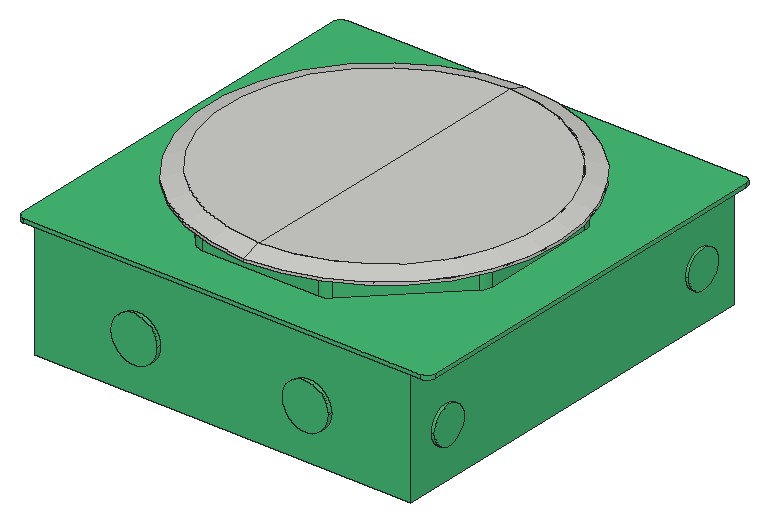
Revit family "Electrical_Equipment-Floor_Box-Hubbell_Wiring-4_Gang-Concrete_Floor_Box-CFB4G30R", category Electrical Fixtures, host Face, Revit 2015
Parameters (values of type "CFB4G30RCR")
  URL = "http://www.hubbell-wiring.com/"
  Product data url = "https://bimobject.com/hubbellwiring/product/hubbell-cfb4g30"
  Product Page URL = "http://ecatalog.hubbell-wiring.com/productinformation/viewcatalog.aspx?Dest=hubbell-wiring.com/press/catalog/O.pdf"
  Product Documentation Link = "http://www.hubbell-wiring.com/DrawingLibrary.aspx/"
  Model = "CFB4G30RCR"
  Manufacturer = "Hubbell-Wiring"  # constant formula
  Keynote = ""
  Device Plate 4 [instance] = Device Plate : FBMP139 - Simplex / 20A - 1.39" circular opening
  Device Plate 3 [instance] = Device Plate : FBMP139 - Simplex / 20A - 1.39" circular opening
  Device Plate 2 [instance] = Device Plate : FBMP139 - Simplex / 20A - 1.39" circular opening
  Device Plate 1 [instance] = Device Plate : FBMP139 - Simplex / 20A - 1.39" circular opening
  Description = "Concrete Floor Box, 4 Gang for 8in Round Cover, Deep With Green Exterior"
  Default Elevation = 0.00"
  Cover Type [instance] = CFBS1R8CVR : CFBS1R8CVRNK - Nickel Cover
  Conduit Connector_9 Description = "Conduit 1in. 0.75in. or 0.5in. Connection"
  Conduit Connector_8 Description = "Conduit 1in. 0.75in. or 0.5in. Connection"
  Conduit Connector_7 Description = "Conduit 1in. 0.75in. or 0.5in. Connection"
  Conduit Connector_6 Description = "Conduit 1.25in. 1in. or  0.75in. Connection"
  Conduit Connector_5 Description = "Conduit 1.25in. 1in. or  0.75in. Connection"
  Conduit Connector_4 Description = "Conduit 1in. 0.75in. or 0.5in. Connection"
  Conduit Connector_3 Description = "Conduit 1in. 0.75in. or 0.5in. Connection"
  Conduit Connector_2 Description = "Conduit 1.25in. 1in. or  0.75in. Connection"
  Conduit Connector_12 Description = "Conduit 1in. 0.75in. or 0.5in. Connection"
  Conduit Connector_11 Description = "Conduit 1in. 0.75in. or 0.5in. Connection"
  Conduit Connector_10 Description = "Conduit 1in. 0.75in. or 0.5in. Connection"
  Conduit Connector_1 Description = "Conduit 1.25in. 1in. or  0.75in. Connection"
  Conduit Connector 3 Radius = 0.50"
  Conduit Connector 2 Radius = 0.50"
  Conduit Connector 1 Radius = 0.625"
  Box Material = Metal - Hubbell - Green Finish
  Assembly Code = "D5020115"
Types (2): name | Model | Description | Box Material
  CFB4G30R | "CFB4G30R" | "Concrete Floor Box, 4 Gang for 8in Round Cover, Deep" | Metal - Hubbell - Steel
  CFB4G30RCR | "CFB4G30RCR" | "Concrete Floor Box, 4 Gang for 8in Round Cover, Deep With Green Exterior" | Metal - Hubbell - Green Finish
Reference planes (in)
  plane 1 "Center (Front/Back)": y = 0
  plane 2 "Reference level": z = 0
  plane 3 "Center (Left/Right)": x = 0
  plane 4: z = -3.75
  plane 5: x = -5.1
  plane 6: x = 5.1
  plane 7: y = 5.4735
  plane 8: y = -5.4735
  plane 9: z = -0.64
  plane 10: z = -3.69
  plane 11: y = -5.5735
  plane 12: x = -5.2
  plane 13: y = 5.5735
  plane 14: x = 5.2
  plane 15: z = -2.335
  plane 16: z = -3.85
  plane 17: x = -5
  plane 18: x = 5
  plane 19: y = 5.3735
  plane 20: y = -5.3735
  plane 21: z = -0.54
Forms (in)
  Extrusion 1, solid, material "Metal - Hubbell - Green Finish" <- "Box Material"
    sketch origin (0, 0, 0) x (1, 0, 0) y (0, 1, 0)
      loop
        line (-5.1, 5.4735) -> (-5.1, -5.4735) -> (5.1, -5.4735) -> (5.1, 5.4735) -> (-5.1, 5.4735)
    from -3.75 to -0.64
  Extrusion 2, solid, material "Metal - Hubbell - Green Finish" <- "Box Material", detail levels medium+fine
    sketch origin (0, 0, 0) x (0, 1, 0) y (0, 0, 1)
      loop
        circle (4.31, -2.335) r 0.5
      loop
        circle (-4.31, -2.335) r 0.5
    from -5.2 to -5.1
  Extrusion 3, solid, material "Metal - Hubbell - Green Finish" <- "Box Material", detail levels medium+fine
    sketch origin (0, 0, 0) x (0, 1, 0) y (0, 0, -1)
      loop
        circle (4.31, 2.335) r 0.5
      loop
        circle (-4.31, 2.335) r 0.5
    from -5.2 to -5.1
  Extrusion 4, solid, material "Metal - Hubbell - Green Finish" <- "Box Material", detail levels medium+fine
    sketch origin (0, 0, 0) x (1, 0, 0) y (0, 0, 1)
      loop
        circle (2.32, -2.335) r 0.625
      loop
        circle (-2.32, -2.335) r 0.625
    from 5.4735 to 5.5735
  Extrusion 5, solid, material "Metal - Hubbell - Green Finish" <- "Box Material", detail levels medium+fine
    sketch origin (0, 0, 0) x (1, 0, 0) y (0, 0, -1)
      loop
        circle (2.32, 2.335) r 0.625
      loop
        circle (-2.32, 2.335) r 0.625
    from 5.4735 to 5.5735
  Extrusion 6, solid, material "Metal - Hubbell - Green Finish" <- "Box Material", detail levels medium+fine
    sketch origin (0, 0, 0) x (1, 0, 0) y (0, 1, 0)
      loop
        circle (-4.385, 4.35) r 0.5
      loop
        circle (4.385, 4.35) r 0.5
      loop
        circle (-4.385, -4.35) r 0.5
      loop
        circle (4.385, -4.35) r 0.5
    from -3.85 to -3.75
  Extrusion 7, void
    sketch origin (0, 0, 0) x (1, 0, 0) y (0, 1, 0)
      loop
        line (-5, -5.3735) -> (5, -5.3735) -> (5, 5.3735) -> (-5, 5.3735) -> (-5, -5.3735)
    from -3.69 to -0.64
  Sweep 8, solid, material "Metal - Hubbell - Green Finish" <- "Box Material"
    path origin (0, 0, 0) x (0, 1, 0) y (0, 0, 1)
      loop
        line (0, -0.64) -> (0, -0.54)
    profile origin (0, 0, -0.59) x (0, -1, 0) y (1, 0, 0)
      loop
        line (5.2555, 5.6) -> (-5.2545, 5.6)
        arc (-5.2545, 5.6) -> (-5.4136, 5.5341) -> (-5.4795, 5.375) r 0.225
        line (-5.4795, 5.375) -> (-5.4795, -5.375)
        arc (-5.4795, -5.375) -> (-5.4136, -5.5341) -> (-5.2545, -5.6) r 0.225
        line (-5.2545, -5.6) -> (5.2555, -5.6)
        arc (5.2555, -5.6) -> (5.4146, -5.5341) -> (5.4805, -5.375) r 0.225
        line (5.4805, -5.375) -> (5.4805, 5.375)
        arc (5.4805, 5.375) -> (5.4146, 5.5341) -> (5.2555, 5.6) r 0.225
  Sweep 9, solid, material "Metal - Hubbell - Green Finish" <- "Box Material"
    path origin (0, 0, 0) x (0, 1, 0) y (0, 0, 1)
      loop
        line (0, -0.54) -> (0, 0)
    profile origin (0, 0, -0.27) x (0, -1, 0) y (1, 0, 0)
      loop
        arc (-1.84797, -4.0661) -> (-1.72015, -4.15151) -> (-1.56937, -4.1815) r 0.394
        line (-1.56937, -4.1815) -> (1.57037, -4.1815)
        arc (1.57037, -4.1815) -> (1.72115, -4.15151) -> (1.84897, -4.0661) r 0.394
        line (1.84897, -4.0661) -> (4.0691, -1.84597)
        arc (4.0691, -1.84597) -> (4.15451, -1.71815) -> (4.1845, -1.56737) r 0.394
        line (4.1845, -1.56737) -> (4.1845, 1.57237)
        arc (4.1845, 1.57237) -> (4.15451, 1.72315) -> (4.0691, 1.85097) r 0.394
        line (4.0691, 1.85097) -> (1.84897, 4.0711)
        arc (1.84897, 4.0711) -> (1.72115, 4.15651) -> (1.57037, 4.1865) r 0.394
        line (1.57037, 4.1865) -> (-1.56937, 4.1865)
        arc (-1.56937, 4.1865) -> (-1.72015, 4.15651) -> (-1.84797, 4.0711) r 0.394
        line (-1.84797, 4.0711) -> (-4.0681, 1.85097)
        arc (-4.0681, 1.85097) -> (-4.15351, 1.72315) -> (-4.1835, 1.57237) r 0.394
        line (-4.1835, 1.57237) -> (-4.1835, -1.56737)
        arc (-4.1835, -1.56737) -> (-4.15351, -1.71815) -> (-4.0681, -1.84597) r 0.394
        line (-4.0681, -1.84597) -> (-1.84797, -4.0661)
Cuts and joins
  Extrusion 7 cuts Extrusion 1
Lines and regions (in)
  symbolic lines
    curve 1: line (-5.1, 0, -0.54) -> (-5.1, 0, -3.75)
    curve 2: line (-5.1, 0, -3.75) -> (5.1, 0, -3.75)
    curve 3: line (5.1, 0, -3.75) -> (5.1, 0, -0.54)
    curve 4: line (-5.1, 0, -0.54) -> (5.1, 0, -0.54)
    curve 5: line (0, 5.4735, -3.75) -> (0, 5.4735, -0.54)
    curve 6: line (0, 5.4735, -0.54) -> (0, -5.4735, -0.54)
    curve 7: line (0, -5.4735, -0.54) -> (0, -5.4735, -3.75)
    curve 8: line (0, 5.4735, -3.75) -> (0, -5.4735, -3.75)
Dimensions and locks (in)
  level to plane 4 = 3.75"
  equal spacing: Extrusion 2 sketch curve, plane 1 "Center (Front/Back)", Extrusion 2 sketch curve
  locked: Extrusion 2 sketch curve to plane 1 "Center (Front/Back)" at 4.31
  locked: Extrusion 4 sketch curve to plane 3 "Center (Left/Right)" at 2.32
  equal spacing: Extrusion 3 sketch curve, plane 1 "Center (Front/Back)", Extrusion 3 sketch curve
  locked: Extrusion 3 sketch curve to plane 1 "Center (Front/Back)" at 4.31
  locked: Extrusion 5 sketch curve to plane 3 "Center (Left/Right)" at 2.32
  equal spacing: Extrusion 6 sketch curve, plane 1 "Center (Front/Back)", Extrusion 6 sketch curve  (x2)
  locked: plane 1 "Center (Front/Back)" to Extrusion 6 sketch curve at 4.35  (x2)
  equal spacing: Extrusion 6 sketch curve, plane 3 "Center (Left/Right)", Extrusion 6 sketch curve  (x2)
  locked: Extrusion 6 sketch curve to plane 3 "Center (Left/Right)" at 4.385  (x2)
  equal spacing: Extrusion 4 sketch curve, plane 3 "Center (Left/Right)", Extrusion 4 sketch curve
  equal spacing: Extrusion 5 sketch curve, plane 3 "Center (Left/Right)", Extrusion 5 sketch curve
  locked: plane 15 to plane 4 at 1.415
  locked: plane 11 to plane 13 at 11.147
  equal spacing: plane 11, plane 1 "Center (Front/Back)", plane 13
  equal spacing: plane 8, plane 1 "Center (Front/Back)", plane 7, locked at 5.4735 each
  equal spacing: plane 19, plane 1 "Center (Front/Back)", plane 20, locked at 5.3735 each
  locked: plane 12 to plane 14 at 10.4
  equal spacing: plane 12, plane 3 "Center (Left/Right)", plane 14
  equal spacing: plane 5, plane 3 "Center (Left/Right)", plane 6, locked at 5.1 each
  equal spacing: plane 17, plane 3 "Center (Left/Right)", plane 18, locked at 5 each
  locked: plane 2 "Reference level" to plane 4 at 3.75
  locked: plane 3 "Center (Left/Right)" to Sweep 9 at 4.1865
  locked: plane 3 "Center (Left/Right)" to Sweep 8 at 5.6
  "Conduit Connector 2 Radius": radius of Extrusion 3 sketch curve  (x2)
  "Conduit Connector 1 Radius": radius of Extrusion 4 sketch curve  (x2)
  "Conduit Connector 1 Radius": radius of Extrusion 5 sketch curve  (x2)
  "Conduit Connector 2 Radius": radius of Extrusion 2 sketch curve  (x2)
  "Conduit Connector 3 Radius": radius of Extrusion 6 sketch curve  (x4)
  aligned and locked: host face to plane 2 "Reference level"
  aligned and locked: level to host face
  aligned and locked: Extrusion 1 to plane 4
  aligned and locked: plane 5 to Extrusion 2
  aligned and locked: Extrusion 2 to plane 12
  aligned and locked: Extrusion 3 to plane 14
  aligned and locked: plane 11 to Extrusion 4
  aligned and locked: Extrusion 4 to plane 8
  aligned and locked: plane 13 to Extrusion 5
  aligned and locked: Extrusion 5 to plane 7
  aligned and locked: Extrusion 6 to plane 16
  aligned and locked: plane 4 to Extrusion 6
  aligned and locked: cut or joined group of Extrusion 1, Extrusion 7 to plane 10
  aligned and locked: plane 7 to cut or joined group of Extrusion 1, Extrusion 7
  aligned and locked: plane 6 to Extrusion 3
  aligned and locked: plane 15 to Extrusion 2 sketch curve  (x2)
  aligned and locked: plane 15 to Extrusion 4 sketch curve  (x2)
  aligned and locked: plane 1 "Center (Front/Back)" to Sweep 8 sketch curve
  aligned and locked: plane 21 to Sweep 8 sketch curve
  aligned and locked: plane 9 to Sweep 8 sketch curve
  aligned and locked: plane 9 to Extrusion 1
  aligned and locked: plane 1 "Center (Front/Back)" to Sweep 9 sketch curve
  aligned and locked: plane 2 "Reference level" to Sweep 9 sketch curve
  aligned and locked: plane 21 to Sweep 9 sketch curve
  aligned and locked: plane 3 "Center (Left/Right)" to nested 1
  aligned and locked: plane 1 "Center (Front/Back)" to nested 1
  aligned and locked: cut or joined group of Extrusion 1, Extrusion 7 to plane 6
  aligned and locked: plane 8 to cut or joined group of Extrusion 1, Extrusion 7
  aligned and locked: cut or joined group of Extrusion 1, Extrusion 7 to plane 5
  aligned and locked: Extrusion 1 to Extrusion 7
  aligned and locked: plane 19 to Extrusion 7
  aligned and locked: Extrusion 7 to plane 20
  aligned and locked: Extrusion 7 to plane 17
  aligned and locked: Extrusion 7 to plane 18
  aligned and locked: curve 4 to plane 21
  aligned and locked: curve 1 to plane 5
  aligned and locked: curve 2 to plane 4
  aligned and locked: curve 3 to plane 6
  aligned and locked: plane 8 to curve 7
  aligned and locked: plane 4 to curve 8
  aligned and locked: plane 7 to curve 5
  aligned and locked: plane 21 to curve 6
Automatic sketch dimensions
  host sketch curve to host sketch curve = 96.00"  (x2)
  Extrusion 1 sketch curve to plane 5 = 0.00"
  Extrusion 1 sketch curve to plane 6 = 0.00"
  plane 8 to Extrusion 1 sketch curve = 0.00"
  plane 7 to Extrusion 1 sketch curve = 0.00"
  Extrusion 7 sketch curve to plane 17 = 0.00"
  Extrusion 7 sketch curve to plane 18 = 0.00"
  Extrusion 7 sketch curve to plane 20 = 0.00"
  plane 19 to Extrusion 7 sketch curve = 0.00"
  profile plane to Sweep 8 sketch curve = 5.4795"
  Sweep 8 sketch curve to Sweep 8 sketch curve = 0.225"  (x3)
  Sweep 8 sketch curve to profile plane = 5.2555"  (x2)
  Sweep 8 sketch curve to plane 3 "Center (Left/Right)" = 5.375"
  plane 3 "Center (Left/Right)" to Sweep 8 sketch curve = 5.375"
  profile plane to Sweep 9 sketch curve = 4.1835"
  Sweep 9 sketch curve to plane 3 "Center (Left/Right)" = 1.84597"
  Sweep 9 sketch curve to Sweep 9 sketch curve = 0.1154"  (x5)
  Sweep 9 sketch curve to Sweep 9 sketch curve = 0.394"  (x3)
  profile plane to Sweep 9 sketch curve = 1.84797"  (x2)
  Sweep 9 sketch curve to Sweep 9 sketch curve = 2.22013"  (x4)
  plane 3 "Center (Left/Right)" to Sweep 9 sketch curve = 1.57237"
  Sweep 9 sketch curve to Sweep 9 sketch curve = 0.2786"  (x7)
  Sweep 9 sketch curve to profile plane = 1.57037"
  plane 3 "Center (Left/Right)" to Sweep 9 sketch curve = 1.85097"
  Sweep 9 sketch curve to plane 3 "Center (Left/Right)" = 1.56737"
  Sweep 9 sketch curve to profile plane = 1.84897"
  Extrusion 3 sketch curve to plane 15 = 0.00"  (x2)
  Extrusion 5 sketch curve to plane 15 = 0.00"  (x2)
Nested families (in)
  nested 1: "CFBS1R8CVR" at (0, 0, 0), type <- "Cover Type", type "CFBS1R8CVRNK - Nickel Cover"
Connectors (in)
  cabletrayconduit at (-2.32, -5.5735, -2.335), diameter 1.25, driven by "Conduit Connector 1 Radius", driven by "Conduit Connector_1 Description"
    settings: on Extrusion 4, index 1, connector width 12.00", connector height 12.00", connector angle 0.00°, system type 32, placement type 0, profile type 0, connector reference index -1, is primary connector yes, connector utility param no, connector description "Conduit 1.25in. 1in. or  0.75in. Connection"
  cabletrayconduit at (2.32, -5.5735, -2.335), diameter 1.25, driven by "Conduit Connector 1 Radius", driven by "Conduit Connector_2 Description"
    settings: on Extrusion 4, index 2, connector width 12.00", connector height 12.00", connector angle 0.00°, system type 32, placement type 0, profile type 0, connector reference index -1, is primary connector no, connector utility param no, connector description "Conduit 1.25in. 1in. or  0.75in. Connection"
  cabletrayconduit at (5.2, -4.31, -2.335), diameter 1, driven by "Conduit Connector 2 Radius", driven by "Conduit Connector_3 Description"
    settings: on Extrusion 3, index 3, connector width 12.00", connector height 12.00", connector angle 0.00°, system type 32, placement type 0, profile type 0, connector reference index -1, is primary connector no, connector utility param no, connector description "Conduit 1in. 0.75in. or 0.5in. Connection"
  cabletrayconduit at (5.2, 4.31, -2.335), diameter 1, driven by "Conduit Connector 2 Radius", driven by "Conduit Connector_4 Description"
    settings: on Extrusion 3, index 4, connector width 12.00", connector height 12.00", connector angle 0.00°, system type 32, placement type 0, profile type 0, connector reference index -1, is primary connector no, connector utility param no, connector description "Conduit 1in. 0.75in. or 0.5in. Connection"
  cabletrayconduit at (2.32, 5.5735, -2.335), diameter 1.25, driven by "Conduit Connector 1 Radius", driven by "Conduit Connector_5 Description"
    settings: on Extrusion 5, index 5, connector width 12.00", connector height 12.00", connector angle 0.00°, system type 32, placement type 0, profile type 0, connector reference index -1, is primary connector no, connector utility param no, connector description "Conduit 1.25in. 1in. or  0.75in. Connection"
  cabletrayconduit at (-2.32, 5.5735, -2.335), diameter 1.25, driven by "Conduit Connector 1 Radius", driven by "Conduit Connector_6 Description"
    settings: on Extrusion 5, index 6, connector width 12.00", connector height 12.00", connector angle 0.00°, system type 32, placement type 0, profile type 0, connector reference index -1, is primary connector no, connector utility param no, connector description "Conduit 1.25in. 1in. or  0.75in. Connection"
  cabletrayconduit at (-5.2, 4.31, -2.335), diameter 1, driven by "Conduit Connector 2 Radius", driven by "Conduit Connector_7 Description"
    settings: on Extrusion 2, index 7, connector width 12.00", connector height 12.00", connector angle 0.00°, system type 32, placement type 0, profile type 0, connector reference index -1, is primary connector no, connector utility param no, connector description "Conduit 1in. 0.75in. or 0.5in. Connection"
  cabletrayconduit at (-5.2, -4.31, -2.335), diameter 1, driven by "Conduit Connector 2 Radius", driven by "Conduit Connector_8 Description"
    settings: on Extrusion 2, index 8, connector width 12.00", connector height 12.00", connector angle 0.00°, system type 32, placement type 0, profile type 0, connector reference index -1, is primary connector no, connector utility param no, connector description "Conduit 1in. 0.75in. or 0.5in. Connection"
  cabletrayconduit at (-4.385, -4.35, -3.85), diameter 1, driven by "Conduit Connector 3 Radius", driven by "Conduit Connector_9 Description"
    settings: on Extrusion 6, index 9, connector width 12.00", connector height 12.00", connector angle 0.00°, system type 32, placement type 0, profile type 0, connector reference index -1, is primary connector no, connector utility param no, connector description "Conduit 1in. 0.75in. or 0.5in. Connection"
  cabletrayconduit at (4.385, -4.35, -3.85), diameter 1, driven by "Conduit Connector 3 Radius", driven by "Conduit Connector_10 Description"
    settings: on Extrusion 6, index 10, connector width 12.00", connector height 12.00", connector angle 0.00°, system type 32, placement type 0, profile type 0, connector reference index -1, is primary connector no, connector utility param no, connector description "Conduit 1in. 0.75in. or 0.5in. Connection"
  cabletrayconduit at (4.385, 4.35, -3.85), diameter 1, driven by "Conduit Connector 3 Radius", driven by "Conduit Connector_11 Description"
    settings: on Extrusion 6, index 11, connector width 12.00", connector height 12.00", connector angle 0.00°, system type 32, placement type 0, profile type 0, connector reference index -1, is primary connector no, connector utility param no, connector description "Conduit 1in. 0.75in. or 0.5in. Connection"
  cabletrayconduit at (-4.385, 4.35, -3.85), diameter 1, driven by "Conduit Connector 3 Radius", driven by "Conduit Connector_12 Description"
    settings: on Extrusion 6, index 12, connector width 12.00", connector height 12.00", connector angle 0.00°, system type 32, placement type 0, profile type 0, connector reference index -1, is primary connector no, connector utility param no, connector description "Conduit 1in. 0.75in. or 0.5in. Connection"
Definition of nested family "CFBS1R8CVR"
  Parameters
    URL = "http://www.hubbell-wiring.com/"
    Product Page URL = ""
    Product Documentation Link = ""
    Model = "CFBS1R8CVRNK"
    Manufacturer = "Hubbell-Wiring"  # constant formula
    Description = "System one 8 inch round cover for recessed floor boxes"  # constant formula
    Default Elevation = 0.00"
    Cover Material = none
    Assembly Code = "D5020115"
  Reference planes (in)
    plane 1 "Center (Front/Back)": y = 0
    plane 2: z = 0
    plane 3 "Center (Left/Right)": x = 0
  Forms (in)
    Extrusion 1, solid
      sketch origin (0, 0, 0) x (1, 0, 0) y (0, 1, 0)
        loop
          line (-48, 48) -> (-48, -48) -> (48, -48) -> (48, 48) -> (-48, 48)
      from 0 to -12
    Revolve 2, solid, material <- "Cover Material"
      sketch origin (0, 0, 0) x (0, 1, 0) y (0, 0, 1)
        loop
          line (0, 0.24) -> (-4.25, 0.24) -> (-4.75, 0.07409) -> (-4.75, 0) -> (-4, 0) -> (-4, -0.76) -> (0, -0.76) -> (0, 0.24)
        axis (0, 0.24) -> (0, -0.76)
      angle from 0 to 360
  Lines and regions (in)
    symbolic lines
      curve 1: line (-4.25036, 0, 0.24) -> (4.24848, 0, 0.24)
      curve 2: line (4.74848, 0, 0) -> (-4.75036, 0, 0)
      curve 3: line (3.99848, 0, -0.76) -> (-4.00036, 0, -0.76)
      curve 4: line (3.99848, 0, 0) -> (3.99848, 0, -0.76)
      curve 5: line (-4.00036, 0, -0.76) -> (-4.00036, 0, 0)
      curve 6: line (0, 4.25, 0.24) -> (0, -4.25, 0.24)
      curve 7: line (0, -4.75, 0) -> (0, 4.75, 0)
      curve 8: line (0, 4, -0.76) -> (0, 4, 0)
      curve 9: line (0, -4, -0.76) -> (0, 4, -0.76)
      curve 10: line (0, -4, 0) -> (0, -4, -0.76)
      curve 16: line (-4.75036, 0, 0) -> (-4.75036, 0, 0.07409)
      curve 17: line (4.74848, 0, 0) -> (4.74848, 0, 0.07409)
      curve 19: line (-4.75036, 0, 0.07409) -> (-4.25036, 0, 0.24)
      curve 21: line (4.24848, 0, 0.24) -> (4.74848, 0, 0.07409)
      curve 24: line (0, 4.25, 0.24) -> (0, 4.75, 0.07409)
      curve 25: line (0, -4.25, 0.24) -> (0, -4.75, 0.07409)
      curve 26: line (0, -4.75, 0.07409) -> (0, -4.75, 0)
      curve 27: line (0, 4.75, 0) -> (0, 4.75, 0.07409)
      curve 46: circle (0, 0, 0) r 4.75 normal (0, 0, 1)
      curve 47: circle (0, 0, 0) r 4.25 normal (0, 0, 1)
    reference lines
      curve 11: line (-2.98985, 0, 0.53206) -> (-4.78257, 0, -0.06281)
      curve 12: arc (-1.875, 2.145, 0) -> (-1.69822, 2.07178, 0) -> (-1.625, 1.895, 0) r 0.25
      curve 13: arc (-1.875, -2.145, 0) -> (-1.69822, -2.07178, 0) -> (-1.625, -1.895, 0) r 0.25
      curve 14: arc (1.875, 2.145, 0) -> (1.69822, 2.07178, 0) -> (1.625, 1.895, 0) r 0.25
      curve 15: arc (1.875, -2.145, 0) -> (1.69822, -2.07178, 0) -> (1.625, -1.895, 0) r 0.25
      curve 18: line (-3.87, 0, 0.24) -> (-4.37, 0, 0.07409)
      curve 20: line (3.51326, 0, 0.35838) -> (4.59327, 0, 0)
      curve 22: line (0, 6.70455, 0.32476) -> (0, 7.57568, 0.0357)
      curve 23: line (0, -6.61229, 0.35538) -> (0, -7.58929, 0.03119)
    model lines, detail levels medium+fine
      curve 28: line (-3.84148, 1.81811, 0.24) -> (-2.94463, 1.81811, 0.24)
      curve 29: arc (-2.44463, 1.31811, 0.24) -> (-2.59107, 1.67166, 0.24) -> (-2.94463, 1.81811, 0.24) r 0.5
      curve 30: line (-3.84148, -1.81811, 0.24) -> (-2.94463, -1.81811, 0.24)
      curve 31: line (-2.44463, -1.31811, 0.24) -> (-2.44463, 1.31811, 0.24)
      curve 32: arc (-2.44463, -1.31811, 0.24) -> (-2.59107, -1.67166, 0.24) -> (-2.94463, -1.81811, 0.24) r 0.5
      curve 33: line (-0.64368, -2.06811, 0.24) -> (-0.64368, -1.5462, 0.24)
      curve 34: line (0.64368, -2.06811, 0.24) -> (-0.64368, -2.06811, 0.24)
      curve 35: line (0.64368, -1.5462, 0.24) -> (0.64368, -2.06811, 0.24)
      curve 36: arc (-0.64368, -1.5462, 0.24) -> (-0.49723, -1.19264, 0.24) -> (-0.14368, -1.0462, 0.24) r 0.5
      curve 37: arc (0.14368, -1.0462, 0.24) -> (0.49723, -1.19264, 0.24) -> (0.64368, -1.5462, 0.24) r 0.5
      curve 38: line (-0.14368, -1.0462, 0.24) -> (-0.14368, -0.7962, 0.24)
      curve 39: line (-0.14368, -0.7962, 0.24) -> (0.14368, -0.7962, 0.24)
      curve 40: line (0.14368, -0.7962, 0.24) -> (0.14368, -1.0462, 0.24)
      curve 41: line (3.84148, 1.81811, 0.24) -> (2.94463, 1.81811, 0.24)
      curve 42: arc (2.44463, 1.31811, 0.24) -> (2.59107, 1.67166, 0.24) -> (2.94463, 1.81811, 0.24) r 0.5
      curve 43: line (3.84148, -1.81811, 0.24) -> (2.94463, -1.81811, 0.24)
      curve 44: line (2.44463, -1.31811, 0.24) -> (2.44463, 1.31811, 0.24)
      curve 45: arc (2.44463, -1.31811, 0.24) -> (2.59107, -1.67166, 0.24) -> (2.94463, -1.81811, 0.24) r 0.5
  Dimensions and locks (in)
    aligned and locked: plane 2 to Extrusion 1
    aligned and locked: level to Extrusion 1
